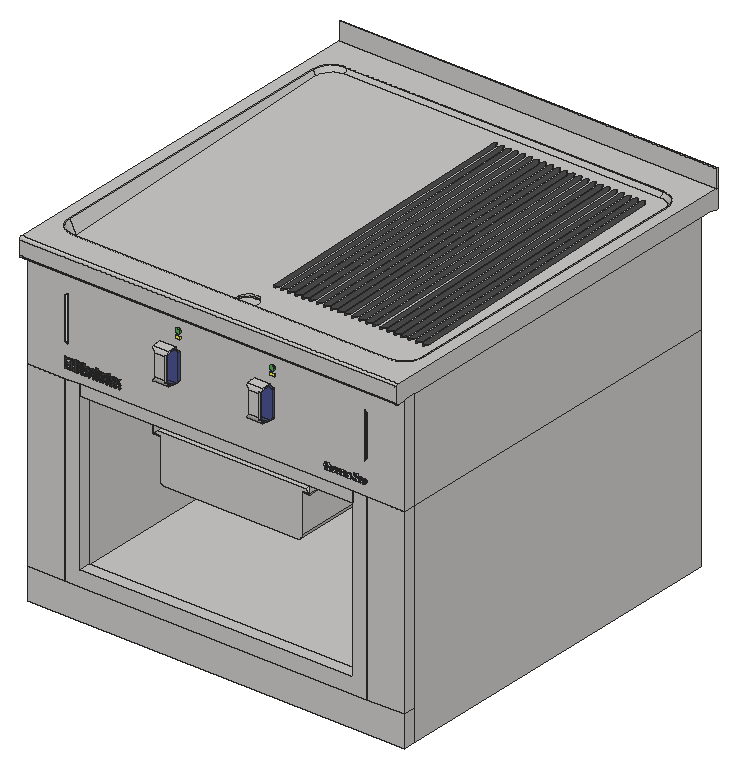
Revit family "QF_ELECTROLUXPROFESSIONAL_588676_MBHFGBHDPO", category Attrezzature speciali, Revit 2020 (continued)
Definition of nested family "Front_Panel_W800_2 Knobs_2Spie"
  Definition of nested family "ELX_Professional_Logo_Small"
    Forms (mm)
      Extrusion 2, solid, material <- "Material_Logo"
        sketch origin (15.5, 0, 0) x (1, 0, 0) y (0, 1, 0)
          loop
            arc (-8.317, -6.888) -> (-8.306, -7.341) -> (-8.192, -7.78) r 1.985
            arc (-8.192, -7.78) -> (-7.749, -8.259) -> (-7.171, -8.563) r 1.928
            arc (-7.171, -8.563) -> (-6.637, -8.779) -> (-6.131, -9.056) r 5.041
            arc (-6.131, -9.056) -> (-5.934, -9.387) -> (-6.09, -9.74) r 0.42
            arc (-6.09, -9.74) -> (-6.631, -9.96) -> (-7.204, -9.845) r 1.016
            arc (-7.204, -9.845) -> (-7.625, -9.603) -> (-7.889, -9.196) r 1.033
            line (-7.889, -9.196) -> (-8.67, -9.686)
            arc (-8.67, -9.686) -> (-8.361, -10.198) -> (-7.908, -10.589) r 1.914
            arc (-7.908, -10.589) -> (-7.334, -10.834) -> (-6.714, -10.896) r 2.063
            arc (-6.714, -10.896) -> (-5.947, -10.743) -> (-5.256, -10.376) r 2.696
            arc (-5.256, -10.376) -> (-4.95, -9.565) -> (-5.108, -8.712) r 1.618
            arc (-5.108, -8.712) -> (-5.448, -8.319) -> (-5.884, -8.035) r 1.876
            arc (-5.884, -8.035) -> (-6.434, -7.789) -> (-6.999, -7.577) r 9.883
            arc (-6.999, -7.577) -> (-7.325, -7.07) -> (-6.854, -6.694) r 0.45
            arc (-6.854, -6.694) -> (-6.329, -6.809) -> (-5.909, -7.143) r 1.197
          loop
            line (1.61, -7.143) -> (2.345, -6.638)
            arc (2.345, -6.638) -> (1.663, -5.974) -> (0.737, -5.755) r 1.782
            arc (0.737, -5.755) -> (0.121, -5.878) -> (-0.425, -6.189) r 1.974
            arc (-0.425, -6.189) -> (-0.683, -6.5) -> (-0.799, -6.888) r 1.013
            arc (-0.799, -6.888) -> (-0.788, -7.341) -> (-0.674, -7.78) r 1.985
            arc (-0.674, -7.78) -> (-0.231, -8.259) -> (0.347, -8.563) r 1.928
            arc (0.347, -8.563) -> (0.881, -8.779) -> (1.387, -9.056) r 5.041
            arc (1.387, -9.056) -> (1.584, -9.387) -> (1.428, -9.74) r 0.42
            arc (1.428, -9.74) -> (0.887, -9.96) -> (0.314, -9.845) r 1.016
            arc (0.314, -9.845) -> (-0.107, -9.603) -> (-0.371, -9.196) r 1.033
            line (-0.371, -9.196) -> (-1.152, -9.686)
            arc (-1.152, -9.686) -> (-0.842, -10.198) -> (-0.39, -10.589) r 1.914
            arc (-0.39, -10.589) -> (0.184, -10.834) -> (0.804, -10.896) r 2.063
            arc (0.804, -10.896) -> (1.572, -10.743) -> (2.263, -10.376) r 2.696
            arc (2.263, -10.376) -> (2.568, -9.565) -> (2.411, -8.712) r 1.618
            arc (2.411, -8.712) -> (2.07, -8.319) -> (1.635, -8.035) r 1.876
            arc (1.635, -8.035) -> (1.084, -7.789) -> (0.519, -7.577) r 9.883
            arc (0.519, -7.577) -> (0.193, -7.07) -> (0.665, -6.694) r 0.45
            arc (0.665, -6.694) -> (1.189, -6.809) -> (1.61, -7.143) r 1.197
          loop
            line (6.801, -5.837) -> (6.801, -10.814) -> (7.825, -10.814) -> (7.825, -5.837) -> (6.801, -5.837)
          loop
            circle (14.724, -8.325) r 1.548
          loop
            circle (14.724, -8.325) r 2.585
          loop
            line (21.59, -10.814) -> (22.623, -10.814) -> (22.623, -7.685) -> (24.9, -10.814) -> (25.895, -10.814) -> (25.895, -5.837) -> (24.861, -5.837) -> (24.861, -9.061) -> (22.585, -5.837) -> (21.59, -5.837) -> (21.59, -10.814)
          loop
            line (31.054, -10.814) -> (31.539, -9.74) -> (33.38, -9.74) -> (33.865, -10.814) -> (34.965, -10.814) -> (32.46, -5.837) -> (29.956, -10.814) -> (31.054, -10.814)
          loop
            line (32.46, -7.698) -> (31.999, -8.719) -> (32.921, -8.719) -> (32.46, -7.698)
          loop
            line (40.047, -9.873) -> (40.047, -5.837) -> (39.024, -5.837) -> (39.024, -10.814) -> (41.961, -10.814) -> (41.961, -9.873) -> (40.047, -9.873)
          loop
            line (-74.986, -10.814) -> (-53.322, -10.814) -> (-53.322, 10.82) -> (-74.986, 10.82) -> (-74.986, -10.814)
          loop
            line (-61.261, 9.758) -> (-61.261, -9.707)
            arc (-61.261, -9.707) -> (-54.066, 0.025) -> (-61.261, 9.758) r 10.18
          loop
            line (-62.251, 8.349) -> (-62.251, 9.758)
            arc (-62.251, 9.758) -> (-70.347, 7.918) -> (-74.247, 0.59) r 9.976
            line (-74.247, 0.59) -> (-71.026, 0.59)
            arc (-71.026, 0.59) -> (-65.274, 2.925) -> (-62.251, 8.349) r 9.351
          loop
            arc (-74.247, -0.539) -> (-70.353, -7.928) -> (-62.251, -9.957) r 10.237
            line (-62.251, -9.957) -> (-62.251, -8.298)
            arc (-62.251, -8.298) -> (-65.274, -2.874) -> (-71.026, -0.539) r 9.351
            line (-71.026, -0.539) -> (-74.247, -0.539)
        from 0 to 1.644
    Dimensions and locks
      aligned and locked: plane 2 to Extrusion 1
      aligned and locked: level to Extrusion 1
Definition of nested family "Rib_D12"
  Parameters
    Show Clearance [instance] = yes
    Model = ""
    Lenght [instance] = 588 mm
    Default Elevation = 0 mm
  Reference planes
    plane 1 "Center (Front/Back)": y = -11.07
    plane 2: z = 0
    plane 3 "Center (Left/Right)": x = 0
    plane 4 "Back": y = 282.93
    plane 5 "Front": y = -305.07
  Forms (mm)
    Extrusion 1, solid
      sketch origin (0, -919.2, 0) x (1, 0, 0) y (0, 1, 0)
        loop
          line (-198.75, 1399.2) -> (-198.75, 386.445) -> (165.741, 386.445) -> (165.741, 1399.2) -> (-198.75, 1399.2)
      from 0 to -59.546
    Extrusion 2, solid
      sketch origin (0, -11.07, -267.484) x (1, 0, 0) y (0, 0, 1)
        loop
          line (-6, 267.484) -> (6, 267.484)
          arc (6, 267.484) -> (0, 269.184) -> (-6, 267.484) r 11.438
      from -294 to 294
    Extrusion 3, void
      sketch origin (0, 0, 0) x (1, 0, 0) y (0, 1, 0)
        loop
          line (-6, 274.93) -> (-2.484, 281.02)
          arc (-2.484, 281.02) -> (0, 282.454) -> (2.484, 281.02) r 2.868
          line (2.484, 281.02) -> (6, 274.93) -> (6, 282.93) -> (-6, 282.93) -> (-6, 274.93)
        loop
          line (-6, -297.07) -> (-6, -305.07) -> (6, -305.07) -> (6, -297.07) -> (2.484, -303.16)
          arc (2.484, -303.16) -> (0, -304.594) -> (-2.484, -303.16) r 2.868
          line (-2.484, -303.16) -> (-6, -297.07)
      from 0 to 2
  Cuts and joins
    Extrusion 3 cuts Extrusion 2
  Lines and regions (mm)
    symbolic lines
      curve 1: line (64.247, -11.07, 0) -> (64.247, -11.07, 4)
      curve 2: line (64.247, -11.07, 4) -> (-64.765, -11.07, 4)
      curve 3: line (-64.765, -11.07, 4) -> (-64.765, -11.07, 0)
      curve 4: line (-40, -11.07, 8) -> (-40, -11.07, 4)
      curve 5: line (40, -11.07, 8) -> (40, -11.07, 4)
      curve 6: line (40, -11.07, 8) -> (-40, -11.07, 8)
      curve 7: line (6, -297.07, 0) -> (6, 274.93, 0)
      curve 8: line (-6, 274.93, 0) -> (-6, -297.07, 0)
      curve 9: line (-6, 274.93, 0) -> (-2.484, 281.02, 0)
      curve 10: line (2.484, 281.02, 0) -> (6, 274.93, 0)
      curve 11: arc (-2.484, 281.02, 0) -> (0, 282.454, 0) -> (2.484, 281.02, 0) r 2.868
      curve 12: line (-2.484, -303.16, 0) -> (-6, -297.07, 0)
      curve 13: arc (2.484, -303.16, 0) -> (0, -304.594, 0) -> (-2.484, -303.16, 0) r 2.868
      curve 14: line (6, -297.07, 0) -> (2.484, -303.16, 0)
  Dimensions and locks
    "Lenght": plane 4 "Back" to plane 5 "Front"
    equal spacing: plane 4 "Back", plane 1 "Center (Front/Back)", plane 5 "Front"
    aligned and locked: plane 2 to Extrusion 1
    aligned and locked: level to Extrusion 1
    aligned and locked: plane 4 "Back" to Extrusion 2
    aligned and locked: Extrusion 2 to plane 5 "Front"
  Automatic sketch dimensions
    curve 3 to level = 0 mm
    curve 1 to level = 0 mm
    level to curve 3 = 4 mm
    curve 3 to plane 3 "Center (Left/Right)" = 64.765 mm
    level to curve 6 = 8 mm
    curve 2 to curve 6 = 24.765 mm
    plane 3 "Center (Left/Right)" to curve 5 = 40 mm
    curve 5 to curve 1 = 24.247 mm
    Extrusion 1 sketch curve to Extrusion 1 sketch curve = 364.491 mm
    Extrusion 1 sketch curve to Extrusion 1 sketch curve = 1012.755 mm
    Extrusion 3 sketch curve to plane 3 "Center (Left/Right)" = 0 mm  (x2)
    Extrusion 3 sketch curve to plane 3 "Center (Left/Right)" = 2.484 mm  (x2)
    Extrusion 3 sketch curve to plane 3 "Center (Left/Right)" = 6 mm
    Extrusion 3 sketch curve to Extrusion 3 sketch curve = 3.516 mm  (x2)
    plane 3 "Center (Left/Right)" to Extrusion 3 sketch curve = 2.484 mm  (x2)
    plane 3 "Center (Left/Right)" to Extrusion 3 sketch curve = 6 mm
    plane 5 "Front" to Extrusion 3 sketch curve = 0 mm
    Extrusion 3 sketch curve to Extrusion 3 sketch curve = 1.91 mm  (x2)
    Extrusion 3 sketch curve to Extrusion 3 sketch curve = 1.434 mm  (x2)
    Extrusion 3 sketch curve to Extrusion 3 sketch curve = 6.09 mm  (x2)
    Extrusion 3 sketch curve to plane 4 "Back" = 8 mm
    Extrusion 3 sketch curve to Extrusion 3 sketch curve = 0 mm
    Extrusion 3 sketch curve to Extrusion 3 sketch curve = 4.656 mm
    curve 9 to plane 3 "Center (Left/Right)" = 6 mm
    curve 8 to plane 4 "Back" = 8 mm
    curve 9 to plane 3 "Center (Left/Right)" = 2.484 mm
    plane 3 "Center (Left/Right)" to curve 7 = 6 mm
    plane 5 "Front" to curve 8 = 8 mm
    plane 5 "Front" to curve 7 = 8 mm
    curve 7 to plane 4 "Back" = 8 mm
    curve 9 to plane 4 "Back" = 1.91 mm
    plane 3 "Center (Left/Right)" to curve 10 = 2.484 mm
    curve 10 to plane 4 "Back" = 1.91 mm
    curve 11 to curve 9 = 1.434 mm
    curve 12 to plane 3 "Center (Left/Right)" = 2.484 mm
    plane 5 "Front" to curve 12 = 1.91 mm
    curve 13 to plane 3 "Center (Left/Right)" = 0 mm
    curve 13 to curve 13 = 1.434 mm
    plane 5 "Front" to curve 13 = 1.91 mm
    Extrusion 2 sketch curve to plane 3 "Center (Left/Right)" = 0 mm
    Extrusion 2 sketch curve to plane 3 "Center (Left/Right)" = 6 mm
    Extrusion 2 sketch curve to level = 9.738 mm
    Extrusion 2 sketch curve to Extrusion 2 sketch curve = 9.738 mm
Definition of nested family "QF_ELECTROLUXPROFESSIONAL_588643_MB1NCAHOOO"
  Parameters
    Weight in Pounds = 143.3
    URL Cutsheet = ""
    Type Mark [instance] = ""
    Specification by User [instance] = ""
    Specification by Manufacturer = ""
    Serial Number = ""
    Seismic Rating = ""
    SMACNA No = ""
    Revision Code [instance] = ""
    Default Elevation = 0 mm
    Omniclass Number and Title = ""
    NAFEM Spec ID Number = ""
    Model = "588643"
    Masterspec = ""
    Manufacturer = "Electrolux Professional"
    Item Number [instance] = ""
    Installed By [instance] = ""
    Identify Quantity as Lot [instance] = yes
    Furnished By [instance] = ""
    Foodservice Equipment Identifier [instance] = yes
    Description = ""
    CSI MasterFormat = ""
    CSI Master Format = ""
  Reference planes
    plane 1 "BACK": y = 0
    plane 2: z = 0
    plane 3 "LEFT": x = 0
    plane 4 "RIGHT": x = 800
    plane 5 "FRONT": y = -850
    plane 6 "PLAIN": z = 900
    plane 7 "Center (Left/Right)": x = 400
    plane 8 "Center (Front/Back)": y = -425
    plane 9 "TOP": z = 650
    plane 10 "BASE": z = 200
    plane 11: x = 722
    plane 12: x = 78
    plane 13 "Feet_back": y = -150
    plane 14 "Feet_Front": y = -720
    plane 15: x = 80
    plane 16: x = 720
    plane 17: z = 265
    plane 18: y = -45
    plane 19: y = -805
    plane 20: y = -70
    plane 21: y = -830
    plane 22 "ButtonZ": z = 590
  Forms (mm)
    Extrusion 1, solid
      sketch origin (0, 0, 650) x (0, 1, 0) y (0, 0, 1)
        loop
          line (-45, -450) -> (-45, 0) -> (-805, 0) -> (-805, -450) -> (-45, -450)
      from 0 to 800
    Extrusion 2, solid
      sketch origin (0, 0, 650) x (0, 1, 0) y (0, 0, 1)
        loop
          line (-830, -450) -> (-805, -450) -> (-805, -385) -> (-830, -385) -> (-830, -450)
      from 0 to 800
    Extrusion 3, void
      sketch origin (0, -850, 0) x (1, 0, 0) y (0, 0, 1)
        loop
          line (80, 650) -> (80, 265) -> (720, 265) -> (720, 650) -> (80, 650)
      from 0 to -780
    Extrusion 4, solid
      sketch origin (0, -850, 0) x (1, 0, 0) y (0, 0, 1)
        loop
          line (110, 650) -> (110, 627) -> (690, 627) -> (690, 650) -> (110, 650)
      from -20 to -805
    Extrusion 5, solid
      sketch origin (0, -850, 0) x (1, 0, 0) y (0, 0, 1)
        loop
          line (80, 650) -> (80, 265) -> (720, 265) -> (720, 650) -> (690, 650) -> (690, 295) -> (110, 295) -> (110, 650) -> (80, 650)
      from -45 to -780
    Extrusion 6, solid
      sketch origin (0, -850, 0) x (1, 0, 0) y (0, 0, 1)
        loop
          line (0, 650) -> (0, 265) -> (80, 265) -> (80, 650) -> (0, 650)
      from -20 to -45
    Extrusion 7, solid
      sketch origin (0, -850, 0) x (1, 0, 0) y (0, 0, 1)
        loop
          line (720, 650) -> (720, 265) -> (800, 265) -> (800, 650) -> (720, 650)
      from -20 to -45
    Extrusion 8, solid
      sketch origin (85, -850, 0) x (1, 0, 0) y (0, 0, 1)
        loop
          line (-5, 650) -> (-5, 265) -> (635, 265) -> (635, 650) -> (605, 650) -> (605, 297) -> (25, 297) -> (25, 650) -> (-5, 650)
      from -20 to -45
  Cuts and joins
    Extrusion 3 cuts Extrusion 1
    joined: Extrusion 1, Extrusion 4, Extrusion 5
  Lines and regions (mm)
    symbolic lines
      curve 1: line (0, 0, 0) -> (800, 0, 0)
      curve 2: line (0, -850, 0) -> (0, 0, 0)
      curve 3: line (800, -850, 0) -> (0, -850, 0)
      curve 4: line (800, 0, 0) -> (800, -850, 0)
  Dimensions and locks
    plane 3 "LEFT" to plane 4 "RIGHT" = 800 mm
    plane 5 "FRONT" to plane 1 "BACK" = 850 mm
    equal spacing: plane 3 "LEFT", plane 7 "Center (Left/Right)", plane 4 "RIGHT"
    equal spacing: plane 5 "FRONT", plane 8 "Center (Front/Back)", plane 1 "BACK"
    plane 6 "PLAIN" to plane 9 "TOP" = 250 mm
    plane 10 "BASE" to level = 200 mm
    plane 9 "TOP" to plane 10 "BASE" = 450 mm
    locked: plane 1 "BACK" to plane 13 "Feet_back" at 150
    locked: plane 14 "Feet_Front" to plane 5 "FRONT" at 130
    locked: plane 12 to plane 3 "LEFT" at 78
    locked: plane 11 to plane 4 "RIGHT" at 78
    plane 16 to plane 15 = 640 mm
    equal spacing: plane 16, plane 7 "Center (Left/Right)", plane 15
    locked: plane 17 to plane 10 "BASE" at 65
    locked: plane 1 "BACK" to plane 18 at 45
    plane 9 "TOP" to Extrusion 4 sketch curve = 23 mm
    locked: Extrusion 4 sketch curve to plane 15 at 30
    locked: plane 16 to Extrusion 4 sketch curve at 30
    locked: Extrusion 5 sketch curve to plane 17 at 30
    plane 6 "PLAIN" to level = 900 mm
    Extrusion 5 to Extrusion 5 = 580 mm
    locked: plane 18 to plane 20 at 25
    locked: plane 21 to plane 5 "FRONT" at 20
    locked: plane 19 to plane 21 at 25
    plane 18 to plane 21 = 785 mm
    plane 22 "ButtonZ" to level = 590 mm
    aligned and locked: level to plane 2
    aligned and locked: Extrusion 1 to plane 4 "RIGHT"
    aligned and locked: Extrusion 1 to plane 3 "LEFT"
    aligned and locked: Extrusion 2 to plane 4 "RIGHT"
    aligned and locked: plane 9 "TOP" to Extrusion 3 sketch curve
    aligned and locked: Extrusion 3 sketch curve to plane 15
    aligned and locked: plane 16 to Extrusion 3 sketch curve
    aligned and locked: Extrusion 2 to plane 10 "BASE"
    aligned and locked: Extrusion 2 to plane 17
    aligned and locked: plane 17 to Extrusion 3 sketch curve
    aligned and locked: Extrusion 4 to plane 18
    aligned and locked: Extrusion 5 sketch curve to plane 15
    aligned and locked: plane 16 to Extrusion 5 sketch curve
    aligned and locked: plane 9 "TOP" to Extrusion 5 sketch curve  (x2)
    aligned and locked: plane 17 to Extrusion 5 sketch curve
    aligned and locked: Extrusion 5 sketch curve to Extrusion 4  (x2)
    aligned and locked: Extrusion 6 sketch curve to plane 9 "TOP"
    aligned and locked: plane 3 "LEFT" to Extrusion 6 sketch curve
    aligned and locked: Extrusion 6 sketch curve to plane 17
    aligned and locked: Extrusion 6 sketch curve to plane 15
    aligned and locked: Extrusion 7 sketch curve to plane 9 "TOP"
    aligned and locked: plane 16 to Extrusion 7 sketch curve
    aligned and locked: Extrusion 7 sketch curve to plane 17
    aligned and locked: plane 4 "RIGHT" to Extrusion 7 sketch curve
    aligned and locked: Extrusion 5 to plane 20
    aligned and locked: cut or joined group of Extrusion 1, Extrusion 3, Extrusion 4, Extrusion 5 to plane 20
    aligned and locked: cut or joined group of Extrusion 1, Extrusion 3, Extrusion 4, Extrusion 5 to plane 18
    aligned and locked: Extrusion 6 to plane 19
    aligned and locked: plane 21 to Extrusion 6
    aligned and locked: plane 21 to Extrusion 7
    aligned and locked: Extrusion 7 to plane 19
    aligned and locked: Extrusion 2 to plane 19
    aligned and locked: plane 21 to Extrusion 2
    aligned and locked: plane 19 to cut or joined group of Extrusion 1, Extrusion 3, Extrusion 4, Extrusion 5
    aligned and locked: Extrusion 8 sketch curve to plane 16
    aligned and locked: plane 15 to Extrusion 8 sketch curve
    aligned and locked: Extrusion 8 sketch curve to plane 17
    aligned and locked: plane 21 to cut or joined group of Extrusion 1, Extrusion 3, Extrusion 4, Extrusion 5
  Automatic sketch dimensions
    curve 3 to plane 3 "LEFT" = 0 mm
    curve 3 to plane 4 "RIGHT" = 0 mm
    plane 5 "FRONT" to curve 3 = 0 mm
    plane 1 "BACK" to curve 2 = 0 mm
    Extrusion 1 sketch curve to plane 10 "BASE" = 0 mm
    plane 19 to Extrusion 1 sketch curve = 0 mm
    Extrusion 1 sketch curve to plane 18 = 0 mm
    Extrusion 1 sketch curve to plane 9 "TOP" = 0 mm
    plane 17 to Extrusion 2 sketch curve = 0 mm
    Extrusion 2 sketch curve to plane 21 = 0 mm
    Extrusion 2 sketch curve to plane 10 "BASE" = 0 mm
    Extrusion 2 sketch curve to plane 19 = 0 mm
    Extrusion 4 sketch curve to plane 9 "TOP" = 0 mm
    Extrusion 8 sketch curve to plane 9 "TOP" = 0 mm  (x2)
    plane 15 to Extrusion 8 sketch curve = 30 mm
    Extrusion 8 sketch curve to plane 16 = 30 mm
    Extrusion 8 sketch curve to plane 17 = 32 mm
